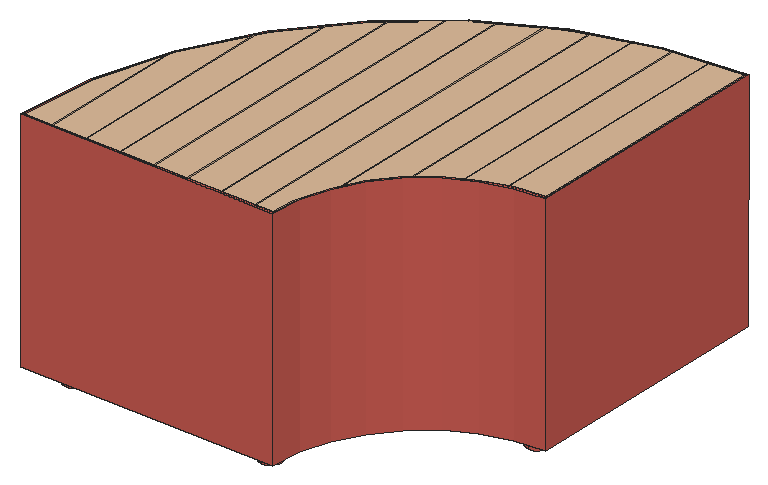
Revit family "product code 61705M-S-L", category Meble, Revit 2021
Family settings
  Numer OmniClass = 23.40.20.00
  Tytuł OmniClass = General Furniture and Specialties
  Oparty na płaszczyźnie roboczej = Nie
  Zawsze pionowo = Tak
  Tnij formami wycięć po wczytaniu = Nie
  Współdzielony = Nie
  Punkt obliczania pomieszczeń = Nie
Parameters (values of type "61705M-S-L")
  wood = Kobenhagen Wood - Larch
  metal = Kobenhagen RAL 3020
  Width = "80 cm"
  Weight = "75 kg"
  URL = "https://kobenhagen.com/en_US/p/Valby-Bench/281"
  Product line = "Valby"
  Product Groups = "Benches"
  Producent = "Lars Laj"
  Keynote = ""
  Opis = "Valby Bench"
  Model = "61705M-S-L"
  Material = "Larch, stainless steel, powder coated steel"
  Maintenance = "We recommend to examine and tighten all screws and bolt clamps after a few weeks’ use. In order to prevent cracks and to extend the life of the wood, it is recommended that the wood details should be oiled every 3-5 years."
  Lenght = "80 cm"
  Type Comments = ""
  Kobenhagen Materials = "larslaj.com/bim"
  Hosted on larslaj.com = "https://larslaj.com/bim"
  Height = "48 cm"
  Domyślna rzędna = 0 mm
  Copyright = "All designs and drawings are the intellectual property of Lars Laj A/S and are protected by Danish and international copyright laws."
Reference planes
  plane 1 "front": y = 0
  plane 2: z = 0
  plane 3 "Środek (Lewa/Prawa)": x = 0
  plane 4 "left": x = -247.535
  plane 5 "back": y = 400
  plane 6: x = 264.233
  plane 7: z = 301.491
Forms (mm)
  Extrusion 1, solid, material "Kobenhagen RAL 3020" <- "metal", not visible
    sketch origin (0, 0, 0) x (0, 1, 0) y (0, 0, 1)
      loop
        arc (71.187, 451.5) -> (57.045, 445.642) -> (51.187, 431.5) r 20
        line (51.187, 431.5) -> (51.187, 18.231)
        arc (51.187, 18.231) -> (56.527, 5.34) -> (69.418, 0) r 18.231
        line (69.418, 0) -> (153.638, 0) -> (153.638, 15) -> (448.638, 15) -> (448.638, 0) -> (527.023, 0)
        arc (527.023, 0) -> (542.307, 6.331) -> (548.638, 21.615) r 21.615
        line (548.638, 21.615) -> (548.638, 429.407)
        arc (548.638, 429.407) -> (542.168, 445.029) -> (526.545, 451.5) r 22.093
        line (526.545, 451.5) -> (71.187, 451.5)
    from 750.378 to 745
  Extrusion 2, solid, material "Kobenhagen RAL 3020" <- "metal", not visible
    sketch origin (0, 0, 0) x (0, 1, 0) y (0, 0, 1)
      loop
        line (548.638, 396.844) -> (629.375, 854.725) -> (601.836, 859.581)
        arc (601.836, 859.581) -> (585.224, 855.898) -> (576.082, 841.547) r 22.232
        line (576.082, 841.547) -> (507.306, 451.5) -> (526.545, 451.5)
        arc (526.545, 451.5) -> (542.168, 445.029) -> (548.638, 429.407) r 22.093
        line (548.638, 429.407) -> (548.638, 396.844)
    from 745 to 750.378
  Extrusion 3, solid, material "Kobenhagen RAL 3020" <- "metal"
    sketch origin (0, 0, 0) x (1, 0, 0) y (0, 1, 0)
      loop
        line (-450, 0) -> (50, 0)
        arc (50, 0) -> (137.868, 212.132) -> (350, 300) r 300
        line (350, 300) -> (350, 800)
        arc (350, 800) -> (-215.685, 565.685) -> (-450, 0) r 800
      loop
        line (-446.994, 3) -> (47.015, 3)
        arc (47.015, 3) -> (135.747, 214.253) -> (347, 302.985) r 303
        line (347, 302.985) -> (347, 796.994)
        arc (347, 796.994) -> (-213.564, 563.564) -> (-446.994, 3) r 797
    from 30 to 477
  Extrusion 4, solid, material "Kobenhagen Wood - Larch" <- "wood"
    sketch origin (0, 0, 0) x (1, 0, 0) y (0, 1, 0)
      loop
        arc (-390.65, 292.593) -> (-431.958, 150.716) -> (-446.342, 3.65) r 796.35
        line (-446.342, 3.65) -> (-390.65, 3.65) -> (-390.65, 292.593)
      loop
        line (-388.65, 3.65) -> (-323.65, 3.65) -> (-323.65, 424.699)
        arc (-323.65, 424.699) -> (-359.003, 362.612) -> (-388.65, 297.606) r 796.35
        line (-388.65, 297.606) -> (-388.65, 3.65)
      loop
        line (-321.65, 3.65) -> (-256.65, 3.65) -> (-256.65, 515.896)
        arc (-256.65, 515.896) -> (-290.664, 472.993) -> (-321.65, 427.855) r 796.35
        line (-321.65, 427.855) -> (-321.65, 3.65)
      loop
        line (-254.65, 3.65) -> (-189.65, 3.65) -> (-189.65, 585.62)
        arc (-189.65, 585.62) -> (-223.141, 552.886) -> (-254.65, 518.239) r 796.35
        line (-254.65, 518.239) -> (-254.65, 3.65)
      loop
        line (-187.65, 3.65) -> (-122.65, 3.65) -> (-122.65, 640.918)
        arc (-122.65, 640.918) -> (-156.295, 615.58) -> (-187.65, 587.457) r 492.013
        line (-187.65, 587.457) -> (-187.65, 3.65)
      loop
        line (-120.65, 3.65) -> (-55.65, 3.65) -> (-55.65, 685.289)
        arc (-55.65, 685.289) -> (-89.327, 665.622) -> (-120.65, 642.388) r 355.852
        line (-120.65, 642.388) -> (-120.65, 3.65)
      loop
        line (-53.65, 3.65) -> (11.35, 3.65) -> (11.35, 720.756)
        arc (11.35, 720.756) -> (-21.864, 704.966) -> (-53.65, 686.469) r 441.859
        line (-53.65, 686.469) -> (-53.65, 3.65)
      loop
        line (13.35, 3.65) -> (46.372, 3.65)
        arc (46.372, 3.65) -> (54.883, 71.477) -> (78.35, 135.682) r 303.65
        line (78.35, 135.682) -> (78.35, 748.585)
        arc (78.35, 748.585) -> (45.276, 736.526) -> (13.35, 721.693) r 412.764
        line (13.35, 721.693) -> (13.35, 3.65)
      loop
        arc (80.35, 139.614) -> (109.691, 184.394) -> (145.35, 224.325) r 359.882
        line (145.35, 224.325) -> (145.35, 769.605)
        arc (145.35, 769.605) -> (112.633, 760.151) -> (80.35, 749.308) r 796.35
        line (80.35, 749.308) -> (80.35, 139.614)
      loop
        arc (147.35, 226.133) -> (178.779, 249.959) -> (212.35, 270.658) r 410.454
        line (212.35, 270.658) -> (212.35, 784.363)
        arc (212.35, 784.363) -> (179.701, 777.928) -> (147.35, 770.134) r 796.35
        line (147.35, 770.134) -> (147.35, 226.133)
      loop
        arc (214.35, 271.666) -> (246.174, 285.348) -> (279.35, 295.317) r 303.65
        line (279.35, 295.317) -> (279.35, 793.21)
        arc (279.35, 793.21) -> (246.763, 789.63) -> (214.35, 784.712) r 796.35
        line (214.35, 784.712) -> (214.35, 271.666)
      loop
        arc (281.35, 295.788) -> (313.638, 301.465) -> (346.35, 303.628) r 303.65
        line (346.35, 303.628) -> (346.35, 796.342)
        arc (346.35, 796.342) -> (313.82, 795.528) -> (281.35, 793.385) r 796.35
        line (281.35, 793.385) -> (281.35, 295.788)
    from 452 to 477
  Extrusion 5, solid, material "Kobenhagen RAL 3020" <- "metal"
    sketch origin (0, 0, 0) x (1, 0, 0) y (0, 1, 0)
      loop
        line (-360.621, 79.011) -> (-21.695, 79.011)
        arc (-21.695, 79.011) -> (81.298, 268.7) -> (270.986, 371.695) r 380
        line (270.986, 371.695) -> (270.986, 710.621)
        arc (270.986, 710.621) -> (-155.582, 505.58) -> (-360.621, 79.011) r 715
      loop
        arc (346.35, 796.342) -> (-213.104, 563.104) -> (-446.342, 3.65) r 796.35
        line (-446.342, 3.65) -> (46.372, 3.65)
        arc (46.372, 3.65) -> (135.287, 214.713) -> (346.35, 303.628) r 303.65
        line (346.35, 303.628) -> (346.35, 796.342)
    from 30 to 35
  Extrusion 6, solid, material "Kobenhagen RAL 3020" <- "metal"
    sketch origin (0, 0, 0) x (1, 0, 0) y (0, 1, 0)
      loop
        line (-405.778, 43.002) -> (9.706, 43.002)
        arc (9.706, 43.002) -> (107.463, 242.538) -> (307, 340.294) r 343
        line (307, 340.294) -> (307, 755.778)
        arc (307, 755.778) -> (-185.279, 535.28) -> (-405.778, 43.002) r 757
      loop
        line (-446.342, 3.65) -> (46.372, 3.65)
        arc (46.372, 3.65) -> (135.287, 214.713) -> (346.35, 303.628) r 303.65
        line (346.35, 303.628) -> (346.35, 796.342)
        arc (346.35, 796.342) -> (-213.104, 563.104) -> (-446.342, 3.65) r 796.35
    from 433 to 437
  Extrusion 7, solid, material "Kobenhagen Wood - Larch" <- "wood"
    sketch origin (0, 0, 0) x (1, 0, 0) y (0, 1, 0)
      loop
        line (-405.778, 43.002) -> (9.706, 43.002)
        arc (9.706, 43.002) -> (107.463, 242.538) -> (307, 340.294) r 343
        line (307, 340.294) -> (307, 755.778)
        arc (307, 755.778) -> (-185.279, 535.28) -> (-405.778, 43.002) r 757
      loop
        line (-446.342, 3.65) -> (46.372, 3.65)
        arc (46.372, 3.65) -> (135.287, 214.713) -> (346.35, 303.628) r 303.65
        line (346.35, 303.628) -> (346.35, 796.342)
        arc (346.35, 796.342) -> (-213.104, 563.104) -> (-446.342, 3.65) r 796.35
    from 437 to 452
  Extrusion 8, solid, material "Kobenhagen RAL 3020" <- "metal"
    sketch origin (0, 0, 0) x (1, 0, 0) y (0, 1, 0)
      loop
        circle (-288.504, 374.049) r 21.2
      loop
        circle (-387.738, 57.811) r 21.2
      loop
        circle (-0.329, 57.399) r 21.2
      loop
        circle (292.601, 350.329) r 21.2
      loop
        circle (-22.56, 639.374) r 21.2
      loop
        circle (292.186, 737.738) r 21.2
    from 0 to 30
Dimensions and locks
  aligned and locked: level to plane 2
